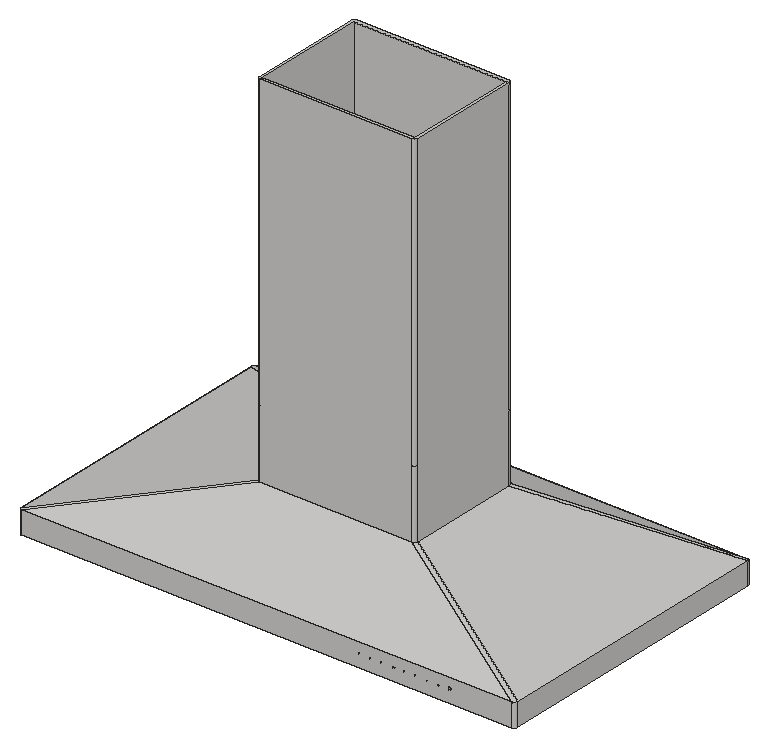
Revit family "M_Coifa-ilha", category Equipamento especial, Revit 2019
Family settings
  Cota do conector redondo = Utilizar diâmetro
  Tipo de parte = Normal
  Número OmniClass = 23.40.40.14
  Título OmniClass = Food Service Equipment
  Com base no plano de trabalho = Não
  Sempre na vertical = Sim
  Corte com vazios quando carregada = Não
  Compartilhado = Não
  Ponto de cálculo do ambiente = Não
Parameters (values of type "1100mm")
  Largura = 1100 mm
  Voltagem = 120 V
  Diâmetro da ventilação = 150 mm
  Type Comments = ""
  Mostrar legenda = yes
  Consumo de energia = 300 VA
  Legenda = "Coifa de ventilação"
  Profundidade da carcaça = 50 mm
  Fluxo do exaustor = 283.168 L/s
  Descrição = "Coifa para ilha"
  Largura da canaleta = 350 mm
  Linear = 650 mm
  Altura da canaleta [instance] = 800 mm
  Profundidade da canaleta [instance] = 262.1 mm
  Código de montagem = "E1090320"
  Tela de ventilação = Eletrodoméstico – Tela de ventilação
  Acabamento do eletrodoméstico = Eletrodoméstico – Aço inoxidável
  Amperagem = Consumo de energia / Voltagem  # 2.5 A
Reference planes
  plane 1 "Centro": y = 2.803
  plane 2: z = 0
  plane 3 "Centro (Esquerda/Direita)": x = 0
  plane 4 "Esquerda": x = -550
  plane 5 "Direita": x = 550
  plane 6 "Parte posterior": y = 327.803
  plane 7 "Aresta frontal": y = -322.197
  plane 8 "Canaleta B.O.": z = 152.4
  plane 9 "Forro": z = 952.4
  plane 10: x = -175
  plane 11: x = 175
  plane 12 "Transição": z = 50
  plane 13 "Extensão da canaleta": z = 304.8
  plane 14: y = -121.1
  plane 15 "Luzes": y = -130.697
  plane 16: x = -397.6
  plane 17: x = 397.6
  plane 18: y = 136.303
  plane 19: y = -576.197
Forms (mm)
  Extrusion 1, solid, material "Eletrodoméstico – Aço inoxidável" <- "Acabamento do eletrodoméstico"
    sketch origin (0, 0, 0) x (1, 0, 0) y (0, 1, 0)
      loop
        arc (-543.65, 327.803) -> (-548.14, 325.943) -> (-550, 321.453) r 6.35
        line (-550, 321.453) -> (-550, -315.847)
        arc (-550, -315.847) -> (-548.14, -320.337) -> (-543.65, -322.197) r 6.35
        line (-543.65, -322.197) -> (543.65, -322.197)
        arc (543.65, -322.197) -> (548.14, -320.337) -> (550, -315.847) r 6.35
        line (550, -315.847) -> (550, 321.453)
        arc (550, 321.453) -> (548.14, 325.943) -> (543.65, 327.803) r 6.35
        line (543.65, 327.803) -> (-543.65, 327.803)
      loop
        line (-499.2, 277.003) -> (-499.2, -271.397) -> (499.2, -271.397) -> (499.2, 277.003) -> (-499.2, 277.003)
    from 0 to 50
  Blend 2, solid, material "Eletrodoméstico – Aço inoxidável" <- "Acabamento do eletrodoméstico"
    base sketch origin (0, 0, 50) x (0, -1, 0) y (1, 0, 0)
      loop
        arc (-327.803, -543.65) -> (-325.943, -548.14) -> (-321.453, -550) r 6.35
        line (-321.453, -550) -> (315.847, -550)
        arc (315.847, -550) -> (320.337, -548.14) -> (322.197, -543.65) r 6.35
        line (322.197, -543.65) -> (322.197, 543.65)
        arc (322.197, 543.65) -> (320.337, 548.14) -> (315.847, 550) r 6.35
        line (315.847, 550) -> (-321.453, 550)
        arc (-321.453, 550) -> (-325.943, 548.14) -> (-327.803, 543.65) r 6.35
        line (-327.803, 543.65) -> (-327.803, -543.65)
    top sketch origin (0, 0, 50) x (0, -1, 0) y (1, 0, 0)
      loop
        arc (124.347, -175) -> (128.837, -173.14) -> (130.697, -168.65) r 6.35
        line (130.697, -168.65) -> (130.697, 168.65)
        arc (130.697, 168.65) -> (128.837, 173.14) -> (124.347, 175) r 6.35
        line (124.347, 175) -> (-129.953, 175)
        arc (-129.953, 175) -> (-134.443, 173.14) -> (-136.303, 168.65) r 6.35
        line (-136.303, 168.65) -> (-136.303, -168.65)
        arc (-136.303, -168.65) -> (-134.443, -173.14) -> (-129.953, -175) r 6.35
        line (-129.953, -175) -> (124.347, -175)
    from 0 to 102.4
  Extrusion 3, solid, material "Eletrodoméstico – Aço inoxidável" <- "Acabamento do eletrodoméstico"
    sketch origin (0, 0, 152.4) x (-1, 0, 0) y (0, -1, 0)
      loop
        line (175, -129.953) -> (175, 124.347)
        arc (175, 124.347) -> (173.14, 128.837) -> (168.65, 130.697) r 6.35
        line (168.65, 130.697) -> (-168.65, 130.697)
        arc (-168.65, 130.697) -> (-173.14, 128.837) -> (-175, 124.347) r 6.35
        line (-175, 124.347) -> (-175, -129.953)
        arc (-175, -129.953) -> (-173.14, -134.443) -> (-168.65, -136.303) r 6.35
        line (-168.65, -136.303) -> (168.65, -136.303)
        arc (168.65, -136.303) -> (173.14, -134.443) -> (175, -129.953) r 6.35
      loop
        line (-168.65, 124.347) -> (-168.65, -129.953) -> (168.65, -129.953) -> (168.65, 124.347) -> (-168.65, 124.347)
    from 152.4 to 800
  Extrusion 4, void
    sketch origin (0, -322.197, 0) x (-1, 0, 0) y (0, 0, 1)
      loop
        line (-203.351, 28.1) -> (-209.451, 28.1) -> (-209.451, 26) -> (-203.351, 26) -> (-203.351, 28.1)
      loop
        line (-228.351, 28.1) -> (-234.451, 28.1) -> (-234.451, 26) -> (-228.351, 26) -> (-228.351, 28.1)
      loop
        line (-253.351, 28.1) -> (-259.451, 28.1) -> (-259.451, 26) -> (-253.351, 26) -> (-253.351, 28.1)
      loop
        line (-278.351, 28.1) -> (-284.451, 28.1) -> (-284.451, 26) -> (-278.351, 26) -> (-278.351, 28.1)
      loop
        line (-303.351, 28.1) -> (-309.451, 28.1) -> (-309.451, 26) -> (-303.351, 26) -> (-303.351, 28.1)
      loop
        line (-328.351, 28.1) -> (-334.451, 28.1) -> (-334.451, 26) -> (-328.351, 26) -> (-328.351, 28.1)
      loop
        line (-378.351, 28.1) -> (-384.45, 28.1) -> (-384.45, 26) -> (-378.351, 26) -> (-378.351, 28.1)
      loop
        line (-403.451, 31.9) -> (-409.351, 31.9) -> (-409.351, 26) -> (-403.451, 26) -> (-403.451, 31.9)
    from 0 to 1.587
  Extrusion 5, void
    sketch origin (0, -322.197, 0) x (-1, 0, 0) y (0, 0, 1)
      loop
        line (-353.351, 28.1) -> (-359.451, 28.1) -> (-359.451, 26) -> (-353.351, 26) -> (-353.351, 28.1)
    from 0 to 1.587
  Extrusion 6, solid, material "Eletrodoméstico – Aço inoxidável" <- "Acabamento do eletrodoméstico"
    sketch origin (0, 0, 152.4) x (-1, 0, 0) y (0, -1, 0)
      loop
        arc (168.65, -136.303) -> (173.14, -134.443) -> (175, -129.953) r 6.35
        line (175, -129.953) -> (175, 124.347)
        arc (175, 124.347) -> (173.14, 128.837) -> (168.65, 130.697) r 6.35
        line (168.65, 130.697) -> (-168.65, 130.697)
        arc (-168.65, 130.697) -> (-173.14, 128.837) -> (-175, 124.347) r 6.35
        line (-175, 124.347) -> (-175, -129.953)
        arc (-175, -129.953) -> (-173.14, -134.443) -> (-168.65, -136.303) r 6.35
        line (-168.65, -136.303) -> (168.65, -136.303)
    from 0 to 152.4
  Extrusion 7, solid, material "Eletrodoméstico – Tela de ventilação" <- "Tela de ventilação", detail levels fine
    sketch origin (0, 0, 0) x (1, 0, 0) y (0, 1, 0)
      loop
        line (-499.2, 277.003) -> (-499.2, -271.397) -> (499.2, -271.397) -> (499.2, 277.003) -> (-499.2, 277.003)
      loop
        circle (-397.6, -130.697) r 38.1
      loop
        circle (397.6, -130.697) r 38.1
      loop
        circle (-397.6, 136.303) r 38.1
      loop
        circle (397.6, 136.303) r 38.1
    from 25.4 to 38.1
  Extrusion 8, solid, material "Eletrodoméstico – Aço inoxidável" <- "Acabamento do eletrodoméstico", detail levels fine
    sketch origin (0, 327.803, 0) x (-1, 0, 0) y (0, 0, 1)
      loop
        line (25.4, 25.4) -> (-25.4, 25.4) -> (-25.4, 12.7) -> (25.4, 12.7) -> (25.4, 25.4)
    from -599.2 to -50.8
Cuts and joins
  Extrusion 4, Extrusion 5 cuts Extrusion 1
  joined: Extrusion 1, Extrusion 3, Extrusion 6
Lines and regions (mm)
  Split face 1
    outline origin (-168.65, 136.303, 304.8) x (-1, 0, 0) y (0, -1, 0)
      loop
        circle (-168.65, 133.5) r 75
  Split face 2
    outline origin (-168.65, 136.303, 304.8) x (-1, 0, 0) y (0, -1, 0)
      loop
        circle (-67.142, 46.65) r 12.7
  symbolic lines, style "Eletrodomésticos – Ocultos"
    curve 1: line (-175, 136.303, 152.4) -> (175, 136.303, 152.4)
    curve 2: line (-175, -130.697, 152.4) -> (-175, 136.303, 152.4)
    curve 3: line (175, -130.697, 152.4) -> (-175, -130.697, 152.4)
    curve 4: line (175, 136.303, 152.4) -> (175, -130.697, 152.4)
    curve 5: line (-550, 327.803, 152.4) -> (-550, -322.197, 152.4)
    curve 6: line (-550, -322.197, 152.4) -> (550, -322.197, 152.4)
    curve 7: line (-550, 327.803, 152.4) -> (550, 327.803, 152.4)
    curve 8: line (550, 327.803, 152.4) -> (550, -322.197, 152.4)
    curve 9: line (-175, -130.697, 152.4) -> (-550, -322.197, 152.4)
    curve 10: line (175, -130.697, 152.4) -> (550, -322.197, 152.4)
    curve 11: line (175, 136.303, 152.4) -> (550, 327.803, 152.4)
    curve 12: line (-175, 136.303, 152.4) -> (-550, 327.803, 152.4)
Dimensions and locks
  equal spacing: plane 4 "Esquerda", plane 3 "Centro (Esquerda/Direita)", plane 5 "Direita"
  "Largura": plane 4 "Esquerda" to plane 5 "Direita"
  equal spacing: plane 11, plane 3 "Centro (Esquerda/Direita)", plane 10
  "Largura da canaleta": plane 11 to plane 10
  "Altura da canaleta": plane 9 "Forro" to plane 8 "Canaleta B.O."
  locked: plane 8 "Canaleta B.O." to level at 152.4
  Extrusion 1 sketch curve to plane 5 "Direita" = 50.8 mm
  locked: plane 6 "Parte posterior" to Extrusion 1 sketch curve at 50.8
  locked: Extrusion 1 sketch curve to plane 7 "Aresta frontal" at 50.8
  locked: plane 4 "Esquerda" to Extrusion 1 sketch curve at 50.8
  locked: plane 13 "Extensão da canaleta" to plane 8 "Canaleta B.O." at 152.4
  "Diâmetro da ventilação": Split face 1 sketch curve to Split face 1 sketch curve
  Extrusion 7 to Extrusion 7 to level = 12.7 mm locked, 25.4 mm locked
  Extrusion 8 sketch curve to plane 3 "Centro (Esquerda/Direita)" to Extrusion 8 sketch curve = 25.4 mm locked, 25.4 mm locked
  Extrusion 8 sketch curve to Extrusion 8 sketch curve to level = 12.7 mm locked, 12.7 mm locked
  locked: plane 15 "Luzes" to plane 7 "Aresta frontal" at 191.5
  locked: plane 6 "Parte posterior" to plane 18 at 191.5
  locked: plane 4 "Esquerda" to plane 16 at 152.4
  locked: plane 17 to plane 5 "Direita" at 152.4
  equal spacing: plane 6 "Parte posterior", plane 1 "Centro", plane 7 "Aresta frontal"
  "Linear": plane 6 "Parte posterior" to plane 7 "Aresta frontal"
  locked: plane 7 "Aresta frontal" to plane 19 at 254
  "Profundidade da carcaça": plane 12 "Transição" to level
  aligned and locked: plane 2 to level
  aligned and locked: plane 3 "Centro (Esquerda/Direita)" to nested 1
  aligned and locked: Extrusion 1 sketch curve to plane 6 "Parte posterior"
  aligned and locked: Extrusion 1 sketch curve to plane 5 "Direita"
  aligned and locked: plane 7 "Aresta frontal" to Extrusion 1 sketch curve
  aligned and locked: plane 4 "Esquerda" to Extrusion 1 sketch curve
  aligned and locked: Extrusion 1 to plane 12 "Transição"
  aligned and locked: Blend 2 sketch curve to Extrusion 1  (x4)
  aligned and locked: plane 10 to Blend 2 sketch curve
  aligned and locked: Blend 2 sketch curve to plane 11
  aligned and locked: plane 12 "Transição" to Blend 2
  aligned and locked: plane 8 "Canaleta B.O." to Blend 2
  aligned and locked: plane 11 to Extrusion 3 sketch curve
  aligned and locked: Extrusion 3 sketch curve to plane 10
  aligned and locked: plane 9 "Forro" to Extrusion 3
  aligned and locked: plane 10 to Extrusion 6 sketch curve
  aligned and locked: Extrusion 6 sketch curve to plane 11
  aligned and locked: plane 13 "Extensão da canaleta" to Extrusion 6
  aligned and locked: Extrusion 3 to Extrusion 6
  aligned and locked: Extrusion 6 to plane 8 "Canaleta B.O."
  aligned and locked: plane 3 "Centro (Esquerda/Direita)" to Split face 1 sketch curve
  aligned and locked: Extrusion 7 sketch curve to cut or joined group of Extrusion 1, Extrusion 3, Extrusion 4, Extrusion 5, Extrusion 6  (x4)
  aligned and locked: nested 3 to plane 15 "Luzes"
  aligned and locked: nested 2 to plane 15 "Luzes"
  aligned and locked: plane 15 "Luzes" to Extrusion 7 sketch curve  (x2)
  aligned and locked: plane 16 to Extrusion 7 sketch curve  (x2)
  aligned and locked: plane 17 to Extrusion 7 sketch curve  (x2)
  aligned and locked: plane 18 to Extrusion 7 sketch curve  (x2)
  aligned and locked: plane 16 to nested 3
  aligned and locked: plane 17 to nested 2
  aligned and locked: plane 16 to nested 4
  aligned and locked: nested 4 to plane 18
  aligned and locked: plane 17 to nested 5
  aligned and locked: nested 5 to plane 18
  aligned and locked: Extrusion 8 to cut or joined group of Extrusion 1, Extrusion 3, Extrusion 4, Extrusion 5, Extrusion 6
  aligned and locked: plane 15 "Luzes" to Extrusion 6 sketch curve
  aligned and locked: Extrusion 3 sketch curve to plane 15 "Luzes"
  aligned and locked: plane 1 "Centro" to Split face 1 sketch curve
  aligned and locked: Extrusion 6 sketch curve to plane 18
  aligned and locked: plane 15 "Luzes" to Blend 2 sketch curve
  aligned and locked: nested 1 to plane 19
  aligned and locked: curve 1 to plane 18
  aligned and locked: plane 10 to curve 2
  aligned and locked: plane 15 "Luzes" to curve 3
  aligned and locked: curve 4 to plane 11
  aligned and locked: curve 5 to plane 4 "Esquerda"
  aligned and locked: curve 6 to plane 7 "Aresta frontal"
  aligned and locked: curve 7 to plane 6 "Parte posterior"
  aligned and locked: curve 8 to plane 5 "Direita"
Automatic sketch dimensions
  plane 4 "Esquerda" to Extrusion 1 sketch curve = 6.35 mm  (x2)
  Extrusion 1 sketch curve to plane 5 "Direita" = 6.35 mm  (x2)
  plane 12 "Transição" to Extrusion 4 sketch curve = 18.1 mm
  plane 11 to Extrusion 4 sketch curve = 234.351 mm
  Extrusion 4 sketch curve to Extrusion 4 sketch curve = 5.9 mm  (x2)
  Extrusion 4 sketch curve to Extrusion 4 sketch curve = 19 mm
  Extrusion 4 sketch curve to Extrusion 4 sketch curve = 6.1 mm  (x6)
  plane 11 to Extrusion 4 sketch curve = 159.451 mm
  plane 11 to Extrusion 4 sketch curve = 153.351 mm
  plane 11 to Extrusion 4 sketch curve = 134.451 mm
  Extrusion 4 sketch curve to Extrusion 4 sketch curve = 18.9 mm  (x4)
  plane 12 "Transição" to Extrusion 4 sketch curve = 21.9 mm
  Extrusion 4 sketch curve to Extrusion 4 sketch curve = 0 mm  (x4)
  Extrusion 4 sketch curve to Extrusion 4 sketch curve = 3.8 mm
  Extrusion 4 sketch curve to Extrusion 4 sketch curve = 2.1 mm  (x7)
  plane 12 "Transição" to Extrusion 4 sketch curve = 24 mm
  plane 11 to Extrusion 5 sketch curve = 184.451 mm
  plane 11 to Extrusion 5 sketch curve = 178.351 mm
  plane 12 "Transição" to Extrusion 5 sketch curve = 24 mm
  Extrusion 5 sketch curve to Extrusion 5 sketch curve = 2.1 mm
  Extrusion 3 sketch curve to Extrusion 3 sketch curve = 6.35 mm
  Extrusion 3 sketch curve to Extrusion 3 sketch curve = 0 mm  (x4)
  plane 10 to Extrusion 3 sketch curve = 6.35 mm  (x3)
  Extrusion 3 sketch curve to plane 18 = 0 mm
  Extrusion 6 sketch curve to plane 11 = 6.35 mm
  Extrusion 6 sketch curve to Extrusion 6 sketch curve = 6.35 mm
  plane 10 to Extrusion 6 sketch curve = 6.35 mm  (x2)
  Blend 2 sketch curve to plane 18 = 0 mm
  Blend 2 sketch curve to plane 18 = 6.35 mm
  plane 10 to Blend 2 sketch curve = 6.35 mm  (x2)
  plane 15 "Luzes" to Blend 2 sketch curve = 6.35 mm
  cut or joined group of Extrusion 1, Extrusion 3, Extrusion 4, Extrusion 5, Extrusion 6 to Split face 2 sketch curve = 67.142 mm
  cut or joined group of Extrusion 1, Extrusion 3, Extrusion 4, Extrusion 5, Extrusion 6 to Split face 2 sketch curve = 40.3 mm
  radius of Extrusion 7 sketch curve = 38.1 mm  (x4)
  radius of Split face 2 sketch curve = 12.7 mm
Nested families
  nested 1: "Anotação de legenda de 2,5" at (0, -576.197, 0), visible <- "Mostrar legenda", type "Anotação de legenda de 2,5"
  nested 2: "M_Luz da coifa" at (397.6, -130.697, 25.4), type "M_Luz da coifa", detail levels fine
  nested 3: "M_Luz da coifa" at (-397.6, -130.697, 25.4), type "M_Luz da coifa", detail levels fine
  nested 4: "M_Luz da coifa" at (-397.6, 136.303, 25.4), type "M_Luz da coifa", detail levels fine
  nested 5: "M_Luz da coifa" at (397.6, 136.303, 25.4), type "M_Luz da coifa", detail levels fine
Connectors
  hvac at (0, 2.803, 304.8), driven by "Diâmetro da ventilação", driven by "Fluxo do exaustor"
    settings: on cut or joined group of Extrusion 1, Extrusion 3, Extrusion 4, Extrusion 5, Extrusion 6, index 1, duct flow 283.168 L/s, flow factor 0, pres drop 0.0 Pa, loss coef 0, conn angle 0.00°, conn width 304.8 mm, conn height 304.8 mm, conn diameter 150 mm, duct sys type 3, conn prof type 0, flow config 1, flow direction 2, loss method 0, conn ref index -1, conn util no, is conn primary yes, conn desc "Exaustão da coifa"
  electrical at (-101.508, 89.653, 304.8), driven by "Voltagem", driven by "Consumo de energia"
    settings: on cut or joined group of Extrusion 1, Extrusion 3, Extrusion 4, Extrusion 5, Extrusion 6, index 2, voltage 120 V, apparent load 300 VA, apparent load phase1 0 VA, apparent load phase2 0 VA, apparent load phase3 0 VA, power factor 1, load classification "Eletrodoméstico", number of poles 1, system type 30, power factor state 1, is connector primary yes, connector utility no, sub classification motor no, connector description "Potência da coifa de ventilação"
Definition of nested family "M_Luz da coifa"
  Parameters (values of type "M_Luz da coifa")
    Wattage = 12.1178 W
    built-in parameter 1150110 = 1 (stored number, unit not read)
    built-in parameter 1114217 = 1 (stored number, unit not read)
    Tilt Angle = 90.00°
    built-in parameter 1150109 = 1 (stored number, unit not read)
    built-in parameter 1150134 = 5
    built-in parameter 1150113 = 1 (stored number, unit not read)
    built-in parameter 1010507 = 1.0472 (stored number, unit not read)
    built-in parameter 1010506 = 0.5236 (stored number, unit not read)
    Lumens = 1800 lm
    built-in parameter 1150115 = 1 (stored number, unit not read)
    built-in parameter 1150105 = 6018.4 (stored number, unit not read)
    Light Source Symbol Length = 900 mm
    Raio da luz = 40 mm
    built-in parameter 1150137 = (empty or 0)
    built-in parameter 1150139 = (empty or 0)
    Luminária = none
    built-in parameter 1150112 = 1 (stored number, unit not read)
    built-in parameter 1150114 = 1 (stored number, unit not read)
    Lamp = "LED"
    built-in parameter 1150132 = 2
    built-in parameter 1150102 = (empty or 0)
    built-in parameter 1150138 = (empty or 0)
    built-in parameter 1150107 = 6000 (stored number, unit not read)
    built-in parameter 1150106 = 60.184 (stored number, unit not read)
    built-in parameter 1150104 = 13.8 (stored number, unit not read)
    Dimming Lamp Color Temperature Shift = (empty or 0)
    Default Elevation = 1200 mm
    Color Filter = 16777215
    built-in parameter 1114218 = 1 (stored number, unit not read)
    built-in parameter 1150133 = 10 (stored number, unit not read)
  Reference planes
    plane 1 "Eixo de origem da luz (F/T)": y = 0
    plane 2: z = 0
    plane 3 "Eixo de origem da luz (E/D)": x = 0
    plane 4 "Elevação da origem da luz": z = -12.303
  Forms (mm)
    Revolve 1, solid, material <- "Luminária", detail levels medium+fine
      sketch origin (0, 0, 0) x (1, 0, 0) y (0, 0, 1)
        loop
          line (-40, 0) -> (-42.801, 0) -> (-42.801, -3.175)
          arc (-42.801, -3.175) -> (-41.214, -4.762) -> (-39.626, -3.175) r 1.588
          line (-39.626, -3.175) -> (0, -3.175) -> (0, 13.688) -> (-37.199, 13.688) -> (-40, 1.555) -> (-40, 0)
        axis (0, -3.175) -> (0, 13.688)
      angle from 0 to 360
  Dimensions and locks
    locked: level to imposter light at 12.303
    "Raio da luz": plane 3 "Eixo de origem da luz (E/D)" to Revolve 1 sketch curve
    equal spacing: Revolve 1 sketch curve, Revolve 1 sketch curve, Revolve 1 sketch curve
    aligned and locked: plane 1 "Eixo de origem da luz (F/T)" to imposter light
    aligned and locked: plane 4 "Elevação da origem da luz" to imposter light
    aligned and locked: level to plane 2
  Automatic sketch dimensions
    Revolve 1 sketch curve to level = 0 mm  (x2)
    Revolve 1 sketch curve to plane 3 "Eixo de origem da luz (E/D)" = 0 mm  (x2)
    Revolve 1 sketch curve to Revolve 1 sketch curve = 1.214 mm
    Revolve 1 sketch curve to Revolve 1 sketch curve = 2.801 mm
    Revolve 1 sketch curve to Revolve 1 sketch curve = 3.175 mm
    level to Revolve 1 sketch curve = 1.555 mm
    level to Revolve 1 sketch curve = 13.688 mm
    plane 4 "Elevação da origem da luz" to Revolve 1 sketch curve = 38.497 mm
Definition of nested family "Anotação de legenda de 2,5"
  Parameters
    Legenda = "Coifa de ventilação"
  Reference planes
    plane 1: y = 0
    plane 2: x = 0
  Text (mm)
    label "Legenda" at (0.095, -0.088, 0), shows "Legenda"
